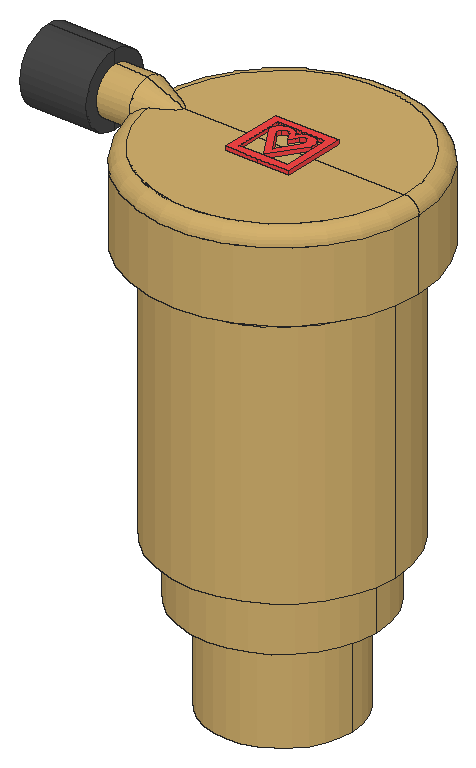
Revit family "Воздухоудалитель с функцией впуска и выпуска воздуха 2630 03", category Rohrzubehör, Revit 2018
Family settings
  Bemaßung runder Anschluss = Durchmesser verwenden
  Teiletyp = Normal
  OmniClass-Nummer = 23.65.55.14
  OmniClass-Titel = Valves for Liquid Services
  Arbeitsebenenbasiert = Nein
  Immer vertikal = Ja
  Beim Laden mit Abzugskörper schneiden = Nein
  Gemeinsam genutzt = Nein
Parameters
  Номер заказа [instance] = if(Nennweite AG = 20.000 mm, 1263003, 0)  # 1263003
  URL = "www.herz-armaturen.ru"
  Поплавок = "полипропилен"  # constant formula
  SCRNSEQ = "AWI;AWI_TYP=\"1013\";1"
  SCRNCODE = "05;14;01"  # constant formula
  S04 = 11.000 mm  # constant formula
  S03 = 24.500 mm  # constant formula
  S02 = 12.500 mm  # constant formula
  S01 = 59.000 mm  # constant formula
  R01 = 2.000 mm  # constant formula
  Nennweite AG [instance] = 20.000 mm  # constant formula
  Мин. рабочая температура = 0 °C  # constant formula
  Среда = "Качество  теплоносителя в соответствии с ÖNORM H5195 и/или предписаниями VDI-Standard 2035.\nРазрешается использование смеси этилен или пропиленгликоля в соотношении 25-50% с водой. Прокладки EPDM могут быть подвержены воздействию минеральных смазочных масел, что может служить причиной выхода из строя данных уплотнений. Пожалуйста, обратитесь к документации производителя, при использовании этиленгликоля и пропиленгликоля в целях защиты от замерзания."
  Макс. давление на корпусе = 1200000.0 Pa  # constant formula
  Макс. рабочая температура = 110 °C  # constant formula
  Макс. рабочее давление = 800000.0 Pa  # constant formula
  L04 = L00 - L01  # 24.000 mm
  L03 = 13.500 mm  # constant formula
  L02 = 4.800 mm  # constant formula
  L01 = 9.500 mm  # constant formula
  L00 = 33.500 mm  # constant formula
  Hersteller = "Herz-Armaturen GmbH"  # constant formula
  H08 = 8.000 mm  # constant formula
  H07 = 22.000 mm  # constant formula
  H06 = 14.000 mm  # constant formula
  H05 = 59.000 mm - 1.000 mm  # 58.000 mm
  H04 = H03 - D03  # 57.900 mm
  H03 = 63.000 mm  # constant formula
  H02 = 9.500 mm  # constant formula
  H01 = 12.000 mm  # constant formula
  H00 = 71.500 mm  # constant formula
  Корпус = "штампованная латунь в соответствии с EN 12165, CW617N"  # constant formula
  G2 [instance] = Nennweite AG / 2  # 10.000 mm
  G1 = 5.000 mm  # constant formula
  Уплотнение = "NBR"  # constant formula
  Крышка корпуса = "штампованная латунь в соответствии с EN 12165, CW617N"  # constant formula
  D06 = 13.500 mm  # constant formula
  D05 = 0.800 mm  # constant formula
  D04 = 3.400 mm  # constant formula
  D03 = 5.100 mm  # constant formula
  D02 = 19.500 mm  # constant formula
  D01 = 16.200 mm  # constant formula
  Наружная резьба подключения = "в соответствии с ISO 228"  # constant formula
  Область применения = "Воздухоотводчик используется для удаления воздуха в системах отопления и холодоснабжения. Клапаны должны быть размещены рядом с котлом или же в самых высоких точках системы, чтобы обеспечить удаление воздуха из системы."
  Адаптер = "латунь CW617N, EN 12165"  # constant formula
  Колпачок = "полипропилен, цвет черный"  # constant formula
Reference planes
  plane 1 "Mitte (Vorne/hinten)": y = 0
  plane 2: z = 0
  plane 3 "Mitte (Links/rechts)": x = 0
Forms (mm)
  Revolve 1, solid, material "Messing", detail levels fine
    sketch origin (0, 0, 0) x (1, 0, 0) y (0, 0, 1)
      loop
        line (0, -12.5) -> (0, 59) -> (-17.5, 59)
        arc (-17.5, 59) -> (-18.914, 58.414) -> (-19.5, 57) r 2
        line (-19.5, 57) -> (-19.5, 47) -> (-18.2, 47)
        arc (-18.2, 47) -> (-16.786, 46.414) -> (-16.2, 45) r 2
        line (-16.2, 45) -> (-16.2, 9.5) -> (-13.5, 9.5) -> (-13.5, 1.5) -> (-10, 1.5) -> (-10, -12.5) -> (0, -12.5)
      axis (0, 59) -> (0, -12.5)
    angle from 0 to 360
  Revolve 2, solid, material "Kunststoff schwarz", detail levels fine
    sketch origin (0, 0, 0) x (1, 0, 0) y (0, 0, 1)
      loop
        line (-33.5, 57.9) -> (-24, 57.9) -> (-24, 63) -> (-33.5, 63) -> (-33.5, 57.9)
      axis (-33.5, 57.9) -> (-24, 57.9)
    angle from 0 to 360
  Revolve 3, solid, material "Messing", detail levels fine
    sketch origin (0, 0, 0) x (1, 0, 0) y (0, 0, 1)
      loop
        line (-24, 57.9) -> (0, 57.9) -> (0, 58.7) -> (-13.5, 58.7) -> (-19.2, 61.3) -> (-24, 61.3) -> (-24, 57.9)
      axis (-24, 57.9) -> (0, 57.9)
    angle from 0 to 360
Lines and regions (mm)
  model lines
    curve 1: line (0, 19.55, 0) -> (0, 0, 0)
  model lines, detail levels coarse+medium
    curve 2: line (0, 59, 0) -> (-11.455, 47.545, 0)
    curve 3: line (0, 59, 0) -> (11.455, 47.545, 0)
    curve 4: circle (0, 34.5, 0) r 11 normal (0, 0, 1)
    curve 5: line (0, 10, 0) -> (-11.455, 21.455, 0)
    curve 6: line (0, 10, 0) -> (11.455, 21.455, 0)
    curve 7: line (0, 59, 0) -> (0, 45.5, 0)
    curve 8: line (0, 23.5, 0) -> (0, -12.5, 0)
    curve 9: line (0, 0, 59) -> (-11.455, 0, 47.545)
    curve 10: line (0, 0, 59) -> (11.455, 0, 47.545)
    curve 11: circle (0, 0, 34.5) r 11 normal (0, -1, 0)
    curve 12: line (0, 0, 10) -> (-11.455, 0, 21.455)
    curve 13: line (0, 0, 10) -> (11.455, 0, 21.455)
    curve 14: line (0, 0, 59) -> (0, 0, 45.5)
    curve 15: line (0, 0, 23.5) -> (0, 0, -12.5)
    curve 16: line (0, 0, 59) -> (0, -11.455, 47.545)
    curve 17: line (0, 0, 59) -> (0, 11.455, 47.545)
    curve 18: circle (0, 0, 34.5) r 11 normal (1, 0, 0)
    curve 19: line (0, 0, 10) -> (0, -11.455, 21.455)
    curve 20: line (0, 0, 10) -> (0, 11.455, 21.455)
Dimensions and locks
  "D01": Revolve 1 sketch curve to Revolve 1 sketch curve
  "D02": Revolve 1 sketch curve to Revolve 1 sketch curve
  "H01": Revolve 1 sketch curve to Revolve 1 sketch curve
  "D03": Revolve 2 sketch curve to Revolve 2 sketch curve
  "L01": Revolve 2 sketch curve to Revolve 2 sketch curve
  "L00": Revolve 2 sketch curve to plane 3 "Mitte (Links/rechts)"
  "D04": Revolve 3 sketch curve to Revolve 3 sketch curve
  "L02": Revolve 3 sketch curve to Revolve 3 sketch curve
  "L03": Revolve 3 sketch curve to plane 3 "Mitte (Links/rechts)"
  "L04": Revolve 3 sketch curve to plane 3 "Mitte (Links/rechts)"
  "D05": Revolve 3 sketch curve to Revolve 3 sketch curve
  "H03": Revolve 2 sketch curve to plane 2
  "H04": Revolve 3 sketch curve to plane 2
  "H06": Revolve 1 sketch curve to Revolve 1 sketch curve
  "G2": Revolve 1 sketch curve to Revolve 1 sketch curve
  "H08": Revolve 1 sketch curve to Revolve 1 sketch curve
  "H00": Revolve 1 sketch curve to Revolve 1 sketch curve
  "S01": plane 1 "Mitte (Vorne/hinten)" to curve 7
  "S02": curve 8 to plane 1 "Mitte (Vorne/hinten)"
  "S03": curve 7 to curve 4 to curve 6
  "D01": curve 2 to curve 2
  "D01": curve 3 to curve 3
  "D01": curve 5 to curve 5
  "D01": curve 6 to curve 6
  "S01": curve 14 to plane 2
  "S02": plane 2 to curve 15
  "S03": curve 14 to curve 11 to curve 13
  "D01": curve 9 to curve 9
  "D01": curve 10 to curve 10
  "D01": curve 12 to curve 12
  "D01": curve 13 to curve 13
  "S01": curve 17 to plane 2
  "S03": curve 17 to curve 18 to curve 20
  "D01": curve 16 to curve 16
  "D01": curve 17 to curve 17
  "D01": curve 19 to curve 19
  "D01": curve 20 to curve 20
  "R01": radius of Revolve 1 sketch curve  (x2)
  "S04": radius of curve 4
  "S04": radius of curve 11
  "S04": radius of curve 18
  angle curve 2 to curve 7 = 45.00°
  angle curve 7 to curve 3 = 45.00°
  angle curve 8 to curve 5 = 45.00°
  angle curve 6 to curve 8 = 45.00°
  angle curve 9 to curve 14 = 45.00°
  angle curve 14 to curve 10 = 45.00°
  angle curve 15 to curve 12 = 45.00°
  angle curve 13 to curve 15 = 45.00°
  angle curve 16 to plane 1 "Mitte (Vorne/hinten)" = 45.00°
  angle plane 1 "Mitte (Vorne/hinten)" to curve 17 = 45.00°
  angle plane 1 "Mitte (Vorne/hinten)" to curve 19 = 45.00°
  angle curve 20 to plane 1 "Mitte (Vorne/hinten)" = 45.00°
  aligned and locked: level to plane 2
Automatic sketch dimensions
  curve 20 to plane 1 "Mitte (Vorne/hinten)" = 0.000 mm
  curve 18 to plane 1 "Mitte (Vorne/hinten)" = 0.000 mm
  curve 17 to plane 1 "Mitte (Vorne/hinten)" = 0.000 mm
  curve 10 to plane 3 "Mitte (Links/rechts)" = 0.000 mm
  curve 15 to plane 3 "Mitte (Links/rechts)" = 0.000 mm
  curve 11 to plane 3 "Mitte (Links/rechts)" = 0.000 mm
  curve 12 to plane 3 "Mitte (Links/rechts)" = 0.000 mm
  curve 2 to plane 3 "Mitte (Links/rechts)" = 0.000 mm
  plane 1 "Mitte (Vorne/hinten)" to curve 1 = 0.000 mm
  curve 1 to plane 3 "Mitte (Links/rechts)" = 0.000 mm
  curve 8 to plane 3 "Mitte (Links/rechts)" = 0.000 mm
  curve 4 to plane 3 "Mitte (Links/rechts)" = 0.000 mm
  curve 5 to plane 3 "Mitte (Links/rechts)" = 0.000 mm
  curve 1 to curve 8 = 3.950 mm
  Revolve 1 sketch curve to plane 3 "Mitte (Links/rechts)" = 0.000 mm  (x2)
  level to Revolve 1 sketch curve = 1.500 mm
  Revolve 1 sketch curve to Revolve 1 sketch curve = 3.500 mm
  Revolve 1 sketch curve to Revolve 1 sketch curve = 1987.500 mm
  Revolve 1 sketch curve to Revolve 1 sketch curve = 1937.000 mm
  Revolve 2 sketch curve to Revolve 2 sketch curve = 0.000 mm  (x3)
  Revolve 3 sketch curve to plane 3 "Mitte (Links/rechts)" = 0.000 mm
  Revolve 3 sketch curve to Revolve 3 sketch curve = 0.212 mm
  Revolve 3 sketch curve to plane 3 "Mitte (Links/rechts)" = 0.539 mm
  Revolve 3 sketch curve to Revolve 3 sketch curve = 0.000 mm
Nested families
  nested 1: "Herz-Logo" at (0, 0, 58), type "Herz-Logo", detail levels fine
Connectors
  piping at (0, 0, -12.5), diameter 20, driven by "Nennweite AG"
    settings: on Revolve 1, index 1, connector inside diameter 609.6 mm, connector length 0.000 mm, flow factor 0, pipe flow 0.0 L/s, pressure drop 0.0 Pa, fitting loss kfactor 0, connector angle 0.00°, fixture units 0, engagement length 0.000 mm, angle of deflection 0.00°, flow configuration 0, flow direction 1, fitting loss method 0, system type 29, joint type 0, gender type 0, connector reference index -1, connector utility 0, adjustable connector no, is connector primary yes, connector description ""
Definition of nested family "Herz-Logo"
  Reference planes
    plane 1 "Mitte (Vorne/hinten)": y = 0
    plane 2: z = 0
    plane 3 "Mitte (Links/rechts)": x = 0
  Forms (mm)
    Extrusion 1, solid
      sketch origin (0, 0, 0) x (1, 0, 0) y (0, 1, 0)
        loop
          line (-0.018, -4.517) -> (4.482, -4.517) -> (4.482, 4.483) -> (-4.518, 4.483) -> (-4.518, -4.517) -> (-0.018, -4.517)
        loop
          line (-0.05, -3.48) -> (3.482, -3.48) -> (3.482, 3.483) -> (-3.518, 3.483) -> (-3.518, -3.48) -> (-0.05, -3.48)
        loop
          arc (-0.018, 2.383) -> (-1.543, 3.287) -> (-3.067, 2.383) r 1.738
          arc (-3.067, 2.383) -> (-3.191, 1.899) -> (-3.067, 1.415) r 1.009
          line (-3.067, 1.415) -> (-0.018, -3.281) -> (3.032, 1.415)
          arc (3.032, 1.415) -> (3.156, 1.899) -> (3.032, 2.383) r 1.009
          arc (3.032, 2.383) -> (1.507, 3.287) -> (-0.018, 2.383) r 1.738
        loop
          arc (1.885, 1.272) -> (2.005, 1.675) -> (1.885, 2.079) r 0.74
          arc (1.885, 2.079) -> (1.265, 2.416) -> (0.644, 2.079) r 0.74
          line (0.644, 2.079) -> (-0.018, 0.97) -> (-0.679, 2.079)
          arc (-0.679, 2.079) -> (-1.3, 2.416) -> (-1.921, 2.079) r 0.74
          arc (-1.921, 2.079) -> (-2.04, 1.675) -> (-1.921, 1.272) r 0.74
          line (-1.921, 1.272) -> (-0.018, -1.658) -> (1.885, 1.272)
      from 0 to 1.5
  Dimensions and locks
    aligned and locked: level to plane 2
